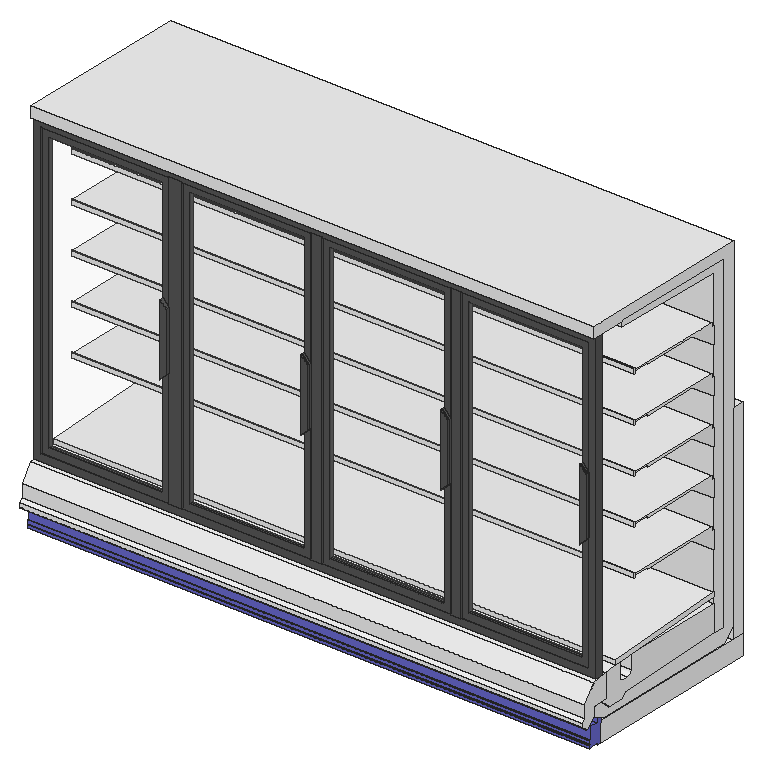
Revit family
Parameters (values of type "RL-4 Door Innov., Innov. II & III")
  Width = 122 7/8"
  Voltage - Electric Defrost [instance] = 208 V
  Voltage [instance] = 120 V
  URL = "www.hussmann.com"
  Type Comments = "LT Reach-In Merchandiser"
  Temp Sensor [instance] = "Low Voltage"
  Telephone = no
  System Control = "1.00 A"
  Standard Right End Cap On/Off [instance] = no
  Standard Left End Cap On/Off [instance] = no
  Revit Family Dates = "4/23/12PMA(0212)"
  Refrigerant Suction Connection Diameter = 7/8"
  Refrigerant Liquid Connection Diameter = 3/8"
  Refrig. Suction [instance] = "Suction"
  Refrig. Liquid [instance] = "Liquid"
  R.I. RH Doors YES/NO [instance] = no
  R.I. LH Doors YES/NO [instance] = yes
  R.I. - RH Door Swing YES/NO [instance] = no
  R.I. - LH Door Swing YES/NO [instance] = yes
  Phase [instance] = 1
  Number of Shelves = 0
  Model = "RL-4"
  Mirrored Right End Cap On/Off [instance] = no
  Mirrored Left End Cap On/Off [instance] = no
  Manufacturer = "Hussmann Corporation"
  MCA (Min Circ Amp) [instance] = 6.8 A
  Linear Shelf Length = 0"
  Height = 82 3/8"
  Front Height = 0"
  Frequency [instance] = 60 Hz
  Finish_Trim [instance] = Stainless Steel 2
  Finish_Top [instance] = none
  Finish_Shelf [instance] = Stainless Steel
  Finish_Handle = Metal-Black-Door
  Finish_Glass [instance] = Glass 2
  Finish_Frame = Metal-Black-Door
  Finish_Door [instance] = Metal-Black-Door
  Finish_Case [instance] = Stainless Steel
  Finish_Bumper [instance] = Metal-Blue-Trim
  Finish_Base [instance] = Stainless Steel
  Elect. Defrost Amps [instance] = "13.46 A"
  Elect. Def. Amps [instance] = 13.46 A
  EMS = no
  Drain Pipe Size = "1 1/4\""
  Drain Heaters [instance] = 2 A
  Description = "Low Temperature Reach-in(Frozen Food & Ice Cream)"
  Depth = 43 3/4"
  Data = "N/A"
  Copper-Suction [instance] = Copper
  Copper-Liquid [instance] = Copper
  Case Lights Amps [instance] = "0.72 A"
  Case Lights [instance] = 0.72 A
  Case Fans (MCA) [instance] = "6.80 A"
  Assembly Code = ""
  Accessories/Options = ""
Reference planes (in)
  plane 1 "Center (Front/Back)": y = 0
  plane 2: z = 0
  plane 3: y = -41.625
  plane 4: z = 13
  plane 5: z = 80
  plane 6: z = 82.375
  plane 7: y = -32
  plane 8: y = -43.75
  plane 9: y = -40.75
  plane 10: x = -62.05503
  plane 11: y = -40
  plane 12: x = 60.81997
  plane 13: x = 55.82723
  plane 14: y = -33
  plane 15: y = -37
  plane 16: x = -0.61027
  plane 17: y = -34.625
  plane 18: x = -25.61949
  plane 19: y = -33.625
  plane 20: x = 24.39895
Forms (in)
  Extrusion 1, solid, material "Stainless Steel" <- "Finish_Case"
    sketch origin (-62.05503, 0, 0) x (0, 1, 0) y (0, 0, 1)
      loop
        line (-5, 4.63662) -> (-2.5, 7.13662) -> (-2.5, 82.375) -> (-40.75, 82.375) -> (-40.75, 80) -> (-5.5, 80) -> (-5.5, 8.31202) -> (-32.09633, 7.00826) -> (-33.05546, 6.04913) -> (-36.55546, 6.04913) -> (-38.5, 7.99367) -> (-40.75, 7.99367) -> (-40.75, 5.99367) -> (-37.75, 4.63662) -> (-5, 4.63662)
    from 0 to 122.87891
  Extrusion 2, solid, material "Stainless Steel" <- "Finish_Case"
    sketch origin (-62.05503, 0, 0) x (0, 1, 0) y (0, 0, 1)
      loop
        line (-37.25, 13) -> (-40.75, 12.69379) -> (-43.04431, 9.41718) -> (-43.04431, 6.66718) -> (-43.75, 5.96149) -> (-43.75, 5.08872) -> (-42.58027, 4.2259) -> (-40.75, 5.99367) -> (-40.75, 7.99367) -> (-37.25, 7.99367) -> (-37.25, 13)
    from 0 to 122.87891
  Extrusion 3, solid, material "Stainless Steel" <- "Finish_Case"
    sketch origin (-62.05503, 0, 0) x (0, 1, 0) y (0, 0, 1)
      loop
        line (-2.5, 4.26162) -> (0, 4.26162) -> (0, 49.76162) -> (-2.5, 49.76162) -> (-2.5, 4.26162)
    from 0 to 122.87891
  Extrusion 4, solid, material "Stainless Steel" <- "Finish_Case"
    sketch origin (-62.05503, 0, 0) x (0, 1, 0) y (0, 0, 1)
      loop
        line (-5.5, 80) -> (-33, 80) -> (-33, 78.93638) -> (-7.75, 78.49564) -> (-7.75, 7.85845) -> (-5.5, 7.93702) -> (-5.5, 80)
    from 0 to 122.87891
  Extrusion 5, solid
    sketch origin (-62.05503, 0, 0) x (0, 1, 0) y (0, 0, 1)
      loop
        line (-33, 78.93638) -> (-33, 77.93638) -> (-30, 77.93638) -> (-30, 78.88401) -> (-33, 78.93638)
    from 0 to 119.87891
  Extrusion 6, solid, material "Stainless Steel" <- "Finish_Base"
    sketch origin (-62.05503, 0, 0) x (0, 1, 0) y (0, 0, 1)
      loop
        line (-36.55546, 6.04913) -> (-33.05546, 6.04913) -> (-32.09633, 7.00826) -> (-7.75, 7.85845) -> (-7.75, 13.65118) -> (-30.30697, 13.65118) -> (-30.30697, 10.65118)
        arc (-30.30697, 10.65118) -> (-30.59986, 9.94407) -> (-31.30697, 9.65118) r 1
        line (-31.30697, 9.65118) -> (-32.55697, 9.65118)
        arc (-32.55697, 9.65118) -> (-33.26408, 9.94407) -> (-33.55697, 10.65118) r 1
        line (-33.55697, 10.65118) -> (-33.55697, 13.52897) -> (-37.25, 13) -> (-37.25, 7.99367) -> (-38.5, 7.99367) -> (-36.55546, 6.04913)
    from 0 to 122.87891
  Extrusion 7, solid, material "Stainless Steel" <- "Finish_Shelf"
    sketch origin (-62.05503, 0, 0) x (0, 1, 0) y (0, 0, 1)
      loop
        line (-7.75, 64.26162) -> (-7.75, 68.01162) -> (-8.5, 68.01162) -> (-8.5, 69.01162) -> (-29.5, 69.01162) -> (-29.5, 69.26162) -> (-29.75, 69.26162) -> (-29.75, 68.26162) -> (-29.5, 68.26162) -> (-29.5, 68.76162) -> (-26, 68.76162) -> (-26, 68.51162) -> (-13.81963, 68.51162) -> (-7.75, 64.26162)
      loop
        line (-7.75, 54.26162) -> (-7.75, 58.01162) -> (-8.5, 58.01162) -> (-8.5, 59.01162) -> (-29.5, 59.01162) -> (-29.5, 59.26162) -> (-29.75, 59.26162) -> (-29.75, 58.26162) -> (-29.5, 58.26162) -> (-29.5, 58.76162) -> (-26, 58.76162) -> (-26, 58.51162) -> (-13.81963, 58.51162) -> (-7.75, 54.26162)
      loop
        line (-7.75, 44.26162) -> (-7.75, 48.01162) -> (-8.5, 48.01162) -> (-8.5, 49.01162) -> (-29.5, 49.01162) -> (-29.5, 49.26162) -> (-29.75, 49.26162) -> (-29.75, 48.26162) -> (-29.5, 48.26162) -> (-29.5, 48.76162) -> (-26, 48.76162) -> (-26, 48.51162) -> (-13.81963, 48.51162) -> (-7.75, 44.26162)
      loop
        line (-7.75, 34.26162) -> (-7.75, 38.01162) -> (-8.5, 38.01162) -> (-8.5, 39.01162) -> (-29.5, 39.01162) -> (-29.5, 39.26162) -> (-29.75, 39.26162) -> (-29.75, 38.26162) -> (-29.5, 38.26162) -> (-29.5, 38.76162) -> (-26, 38.76162) -> (-26, 38.51162) -> (-13.81963, 38.51162) -> (-7.75, 34.26162)
      loop
        line (-7.75, 24.26162) -> (-7.75, 28.01162) -> (-8.5, 28.01162) -> (-8.5, 29.01162) -> (-29.5, 29.01162) -> (-29.5, 29.26162) -> (-29.75, 29.26162) -> (-29.75, 28.26162) -> (-29.5, 28.26162) -> (-29.5, 28.76162) -> (-26, 28.76162) -> (-26, 28.51162) -> (-13.81963, 28.51162) -> (-7.75, 24.26162)
      loop
        line (-34.54319, 13.47728) -> (-7.75, 14.88146) -> (-7.75, 15.88283) -> (-34.54319, 14.47866) -> (-34.54319, 13.47728)
    from 0 to 122.87891
  Extrusion 8, solid, material "Stainless Steel"
    sketch origin (-60.55503, 0, 0) x (0, 1, 0) y (0, 0, 1)
      loop
        line (0, 4.26162) -> (-38.66016, 4.26162) -> (-38.66016, 0) -> (0, 0) -> (0, 4.26162)
    from 0 to -1.5
  Extrusion 9, solid, material "Stainless Steel"
    sketch origin (59.32723, 0, 0) x (0, 1, 0) y (0, 0, 1)
      loop
        line (0, 4.26162) -> (-38.66016, 4.26162) -> (-38.66016, 0) -> (0, 0) -> (0, 4.26162)
    from 0 to 1.5
  Extrusion 10, solid, material "Metal-Blue-Trim"
    sketch origin (-65.05503, 0, 0) x (0, 1, 0) y (0, 0, 1)
      loop
        line (-38.66016, 4.7871) -> (-39.66016, 5.36445) -> (-39.66016, 4.26162) -> (-41.375, 4.55297) -> (-41.375, 1.75) -> (-41.625, 1.75) -> (-41.625, 1) -> (-41.375, 1) -> (-41.375, 0.75) -> (-41.625, 0.75) -> (-41.625, 0.19004) -> (-39.66016, 0.52548) -> (-39.66016, 0) -> (-38.66016, 0) -> (-38.66016, 4.7871)
    from 3 to 125.87891
  Extrusion 11, solid, material "Stainless Steel"
    sketch origin (-65.05503, 0, 0) x (0, 1, 0) y (0, 0, 1)
      loop
        line (-30, 1.76162) -> (0, 1.76162) -> (0, 4.26162) -> (-30, 4.26162) -> (-30, 1.76162)
    from 4.5 to 124.37891
  Extrusion 12, solid, material "Glass 2"
    sketch origin (0, 0, 0) x (1, 0, 0) y (0, 1, 0)
      loop
        circle (55.82723, -37) r 0.375
      loop
        circle (55.82723, -37) r 0.36775
      loop
        circle (54.95081, -37) r 0.375
      loop
        circle (54.95081, -37) r 0.36775
      loop
        circle (54.07439, -37) r 0.375
      loop
        circle (54.07439, -37) r 0.36775
      loop
        circle (53.19797, -37) r 0.375
      loop
        circle (53.19797, -37) r 0.36775
      loop
        circle (52.32155, -37) r 0.375
      loop
        circle (52.32155, -37) r 0.36775
    from 4.63662 to 3.61208
  Extrusion 13, solid, material "Glass 2"
    sketch origin (0, 0, 0) x (1, 0, 0) y (0, 1, 0)
      loop
        circle (-0.61558, -34.54319) r 0.625
      loop
        circle (-0.61558, -34.54319) r 0.57589
    from 6.42413 to 1.75
  Extrusion 14, solid, material "Copper" <- "Copper-Suction"
    sketch origin (47.19921, 0, -0.375) x (1, 0, 0) y (0, 1, 0)
      loop
        circle (8.62802, -33) r 0.4375
      loop
        circle (8.62802, -33) r 0.41359
    from 4.26162 to 3.85142
  Extrusion 15, solid, material "Copper" <- "Copper-Liquid"
    sketch origin (47.19921, 0, -0.375) x (1, 0, 0) y (0, 1, 0)
      loop
        circle (7.05443, -33) r 0.1875
      loop
        circle (7.05443, -33) r 0.17284
    from 4.26162 to 3.85142
Lines and regions (in)
  symbolic lines
    curve 1: line (-62.05503, -43.75, 0) -> (-62.05503, 0, 0)
    curve 2: line (60.82723, 0, 0) -> (-62.05503, 0, 0)
    curve 3: line (60.82723, 0, 0) -> (60.82723, -43.75, 0)
    curve 4: line (-62.05503, -43.75, 0) -> (60.82723, -43.75, 0)
Dimensions and locks (in)
  plane 1 "Center (Front/Back)" to plane 3 = 41 5/8"
  "Depth": plane 1 "Center (Front/Back)" to plane 8
  level to plane 4 = 13"
  plane 3 to plane 1 "Center (Front/Back)" = 41 5/8"
  "Height": level to plane 6
  locked: plane 12 to plane 10 at 122.875
  plane 10 to plane 12 = 122 7/8"
  plane 8 to plane 1 "Center (Front/Back)" = 43 3/4"
  aligned and locked: level to plane 2
  aligned and locked: curve 4 to Extrusion 2
  aligned and locked: Extrusion 12 to Extrusion 1
Automatic sketch dimensions
  Extrusion 1 sketch curve to plane 9 = 0"  (x2)
  Extrusion 1 sketch curve to plane 5 = 0"
  Extrusion 1 sketch curve to plane 6 = 0"
  Extrusion 1 sketch curve to Extrusion 1 sketch curve = 1.19454"
  plane 7 to Extrusion 1 sketch curve = 1.05546"
  plane 7 to Extrusion 1 sketch curve = 0.09633"
  plane 1 "Center (Front/Back)" to Extrusion 1 sketch curve = 5 1/2"
  Extrusion 1 sketch curve to Extrusion 1 sketch curve = 1/2"
  plane 1 "Center (Front/Back)" to Extrusion 1 sketch curve = 2 1/2"
  plane 4 to Extrusion 1 sketch curve = 5.00633"
  plane 4 to Extrusion 1 sketch curve = 4.68798"
  plane 4 to Extrusion 1 sketch curve = 5.99174"
  Extrusion 1 sketch curve to Extrusion 1 sketch curve = 1.1754"
  Extrusion 1 sketch curve to Extrusion 1 sketch curve = 1.94454"
  Extrusion 1 sketch curve to Extrusion 1 sketch curve = 2"
  Extrusion 1 sketch curve to Extrusion 1 sketch curve = 2 1/2"
  Extrusion 2 sketch curve to plane 8 = 0"
  Extrusion 2 sketch curve to plane 9 = 0"  (x2)
  Extrusion 2 sketch curve to plane 4 = 0"
  Extrusion 2 sketch curve to plane 8 = 0.70569"
  plane 3 to Extrusion 2 sketch curve = 0.95527"
  plane 4 to Extrusion 2 sketch curve = 0.30621"
  plane 4 to Extrusion 2 sketch curve = 3.58282"
  Extrusion 2 sketch curve to Extrusion 2 sketch curve = 1.42351"
  Extrusion 2 sketch curve to Extrusion 2 sketch curve = 1.32649"
  Extrusion 2 sketch curve to Extrusion 2 sketch curve = 2"
  Extrusion 2 sketch curve to Extrusion 2 sketch curve = 0.70569"
  Extrusion 2 sketch curve to Extrusion 2 sketch curve = 0.87277"
  Extrusion 2 sketch curve to Extrusion 2 sketch curve = 0.86282"
  Extrusion 3 sketch curve to plane 1 "Center (Front/Back)" = 0"
  Extrusion 3 sketch curve to Extrusion 3 sketch curve = 2 1/2"
  level to Extrusion 3 sketch curve = 4.26162"
  plane 5 to Extrusion 3 sketch curve = 30.23838"
  Extrusion 4 sketch curve to plane 5 = 0"
  plane 7 to Extrusion 4 sketch curve = 1"
  plane 1 "Center (Front/Back)" to Extrusion 4 sketch curve = 7 3/4"
  Extrusion 4 sketch curve to Extrusion 4 sketch curve = 2 1/4"
  Extrusion 4 sketch curve to Extrusion 4 sketch curve = 1.06362"
  plane 5 to Extrusion 4 sketch curve = 1.50436"
  plane 4 to Extrusion 4 sketch curve = 5.06298"
  Extrusion 4 sketch curve to Extrusion 4 sketch curve = 0.07857"
  plane 7 to Extrusion 5 sketch curve = 1"
  Extrusion 5 sketch curve to plane 7 = 2"
  plane 5 to Extrusion 5 sketch curve = 2.06362"
  Extrusion 5 sketch curve to Extrusion 5 sketch curve = 0.94763"
  Extrusion 5 sketch curve to Extrusion 5 sketch curve = 1"
  Extrusion 6 sketch curve to plane 4 = 0"
  Extrusion 6 sketch curve to Extrusion 6 sketch curve = 0.69454"
  plane 7 to Extrusion 6 sketch curve = 1.55697"
  plane 7 to Extrusion 6 sketch curve = 1.05546"
  plane 7 to Extrusion 6 sketch curve = 0.55697"
  plane 7 to Extrusion 6 sketch curve = 0.09633"
  Extrusion 6 sketch curve to plane 7 = 0.69303"
  Extrusion 6 sketch curve to Extrusion 6 sketch curve = 1"
  Extrusion 6 sketch curve to plane 4 = 0.65118"
  plane 1 "Center (Front/Back)" to Extrusion 6 sketch curve = 7 3/4"
  plane 4 to Extrusion 6 sketch curve = 2.34882"
  plane 4 to Extrusion 6 sketch curve = 5.00633"
  plane 4 to Extrusion 6 sketch curve = 5.14155"
  Extrusion 6 sketch curve to Extrusion 6 sketch curve = 2.64293"
  Extrusion 6 sketch curve to Extrusion 6 sketch curve = 1.94454"
  Extrusion 6 sketch curve to plane 4 = 0.52897"
  Extrusion 7 sketch curve to plane 4 = 0.47728"
  plane 7 to Extrusion 7 sketch curve = 2.54319"
  Extrusion 7 sketch curve to plane 7 = 2 1/4"  (x5)
  Extrusion 7 sketch curve to Extrusion 7 sketch curve = 1/4"  (x17)
  Extrusion 7 sketch curve to Extrusion 7 sketch curve = 0"  (x6)
  Extrusion 7 sketch curve to Extrusion 7 sketch curve = 3 1/2"  (x5)
  Extrusion 7 sketch curve to Extrusion 7 sketch curve = 12.18037"
  Extrusion 7 sketch curve to Extrusion 7 sketch curve = 5.31963"  (x5)
  Extrusion 7 sketch curve to Extrusion 7 sketch curve = 3/4"  (x5)
  Extrusion 7 sketch curve to plane 4 = 1.88146"
  plane 1 "Center (Front/Back)" to Extrusion 7 sketch curve = 7 3/4"
  Extrusion 7 sketch curve to Extrusion 7 sketch curve = 1.00137"  (x2)
  Extrusion 7 sketch curve to Extrusion 7 sketch curve = 8.37879"
  Extrusion 7 sketch curve to Extrusion 7 sketch curve = 3 3/4"  (x5)
  Extrusion 7 sketch curve to Extrusion 7 sketch curve = 13.78296"
  Extrusion 7 sketch curve to Extrusion 7 sketch curve = 1/2"  (x8)
  Extrusion 7 sketch curve to Extrusion 7 sketch curve = 5 1/4"  (x4)
  Extrusion 7 sketch curve to Extrusion 7 sketch curve = 9"  (x4)
  Extrusion 7 sketch curve to Extrusion 7 sketch curve = 1"  (x3)
  Extrusion 10 sketch curve to plane 3 = 0"  (x2)
  Extrusion 10 sketch curve to level = 0"
  Extrusion 10 sketch curve to plane 3 = 1/4"  (x2)
  plane 11 to Extrusion 10 sketch curve = 87/256"  (x2)
  level to Extrusion 10 sketch curve = 0.19004"
  Extrusion 10 sketch curve to Extrusion 10 sketch curve = 0.52548"  (x2)
  Extrusion 10 sketch curve to Extrusion 10 sketch curve = 0.55996"
  Extrusion 10 sketch curve to Extrusion 10 sketch curve = 1/4"
  Extrusion 10 sketch curve to Extrusion 10 sketch curve = 3/4"
  Extrusion 10 sketch curve to Extrusion 10 sketch curve = 2.51162"
  Extrusion 10 sketch curve to Extrusion 10 sketch curve = 0.29135"
  Extrusion 10 sketch curve to Extrusion 10 sketch curve = 1.10283"
  Extrusion 8 sketch curve to level = 0"
  Extrusion 8 sketch curve to plane 1 "Center (Front/Back)" = 0"
  Extrusion 8 sketch curve to Extrusion 8 sketch curve = 4.26162"
  Extrusion 9 sketch curve to level = 0"
  Extrusion 9 sketch curve to plane 1 "Center (Front/Back)" = 0"
  level to Extrusion 9 sketch curve = 4.26162"
  Extrusion 11 sketch curve to plane 1 "Center (Front/Back)" = 0"
  level to Extrusion 11 sketch curve = 1.76162"
  Extrusion 11 sketch curve to Extrusion 11 sketch curve = 2 1/2"
  curve 1 to plane 1 "Center (Front/Back)" = 0"
  curve 1 to plane 10 = 0"
  plane 12 to curve 3 = 0.00727"
  Extrusion 12 sketch curve to Extrusion 12 sketch curve = 0"  (x10)
  plane 15 to Extrusion 12 sketch curve = 0"  (x5)
  Extrusion 12 sketch curve to plane 13 = 0"
  Extrusion 12 sketch curve to Extrusion 12 sketch curve = 0.87642"  (x4)
  Extrusion 13 sketch curve to Extrusion 13 sketch curve = 0"  (x2)
  plane 16 to Extrusion 13 sketch curve = 0.00531"
  Extrusion 13 sketch curve to plane 17 = 0.08181"
  Extrusion 14 sketch curve to Extrusion 14 sketch curve = 0"  (x2)
  plane 14 to Extrusion 14 sketch curve = 0"
  Extrusion 14 sketch curve to plane 16 = 56 7/16"
  Extrusion 15 sketch curve to Extrusion 15 sketch curve = 0"  (x2)
  plane 14 to Extrusion 15 sketch curve = 0"
  Extrusion 15 sketch curve to plane 16 = 54.86391"
  plane 11 to Extrusion 1 sketch curve = 1 1/2"
  plane 15 to Extrusion 1 sketch curve = 3/4"
  plane 15 to Extrusion 2 sketch curve = 1/4"
  Extrusion 6 sketch curve to plane 15 = 0.44454"
  Extrusion 6 sketch curve to Extrusion 6 sketch curve = 1 1/4"
  plane 11 to Extrusion 8 sketch curve = 1 87/256"
  plane 11 to Extrusion 9 sketch curve = 1 87/256"
  Extrusion 10 sketch curve to Extrusion 10 sketch curve = 1"
  Extrusion 11 sketch curve to plane 7 = 2"
  radius of Extrusion 12 sketch curve = 3/8"  (x5)
  radius of Extrusion 12 sketch curve = 0.36775"  (x5)
  radius of Extrusion 13 sketch curve = 5/8"
  radius of Extrusion 13 sketch curve = 0.57589"
  radius of Extrusion 14 sketch curve = 7/16"
  radius of Extrusion 14 sketch curve = 0.41359"
  radius of Extrusion 15 sketch curve = 3/16"
  radius of Extrusion 15 sketch curve = 0.17284"
Nested families (in)
  nested 1: "Label Annotation 3-32" at (-0.61027, -8.125, -0.375), type "Label Annotation 3-32"
  nested 2: "RL-INNOVATORII_END PANEL" at (-59.93555, 0, 0), visible <- "Standard Left End Cap On/Off", type "RL-End Panel Mirrored"
    with Serial Number "N/A", Remarks "N/A", Received By "N/A", Furnished By "N/A", Finish_Trim Stainless Steel 2, Finish_Top none, Finish_Shelf Stainless Steel, Finish_Glass Glass 2, Finish_Door Metal Black-Door, Finish_Case Stainless Steel, Finish_Bumper Metal Blue-trim, Finish_Base Stainless Steel, Final Hookup By "N/A", Assembled By "N/A"
  nested 3: "RL-INNOVATORII_END PANEL" at (64.44672, 0, 0), visible <- "Standard Right End Cap On/Off", type "RL-End Panel Mirrored"
    with Serial Number "N/A", Remarks "N/A", Received By "N/A", Furnished By "N/A", Finish_Trim Stainless Steel 2, Finish_Top none, Finish_Shelf Stainless Steel, Finish_Glass Glass 2, Finish_Door Metal Black-Door, Finish_Case Stainless Steel, Finish_Bumper Metal Blue-trim, Finish_Base Stainless Steel, Final Hookup By "N/A", Assembled By "N/A"
  nested 4: "RL-INNOVATORII_END CAP MIRRORED" at (-59.93555, 0, 0), visible <- "Mirrored Left End Cap On/Off", type "RL-End Panel Mirrored"
    with Serial Number "N/A", Remarks "N/A", Received By "N/A", Furnished By "N/A", Finish_Trim Stainless Steel 2, Finish_Top none, Finish_Shelf Stainless Steel, Finish_Glass Glass 2, Finish_Door Metal Black-Door, Finish_Case Stainless Steel, Finish_Bumper Metal Blue-trim, Finish_Base Stainless Steel, Final Hookup By "N/A", Assembled By "N/A"
  nested 5: "RL-INNOVATORII_END CAP MIRRORED" at (64.44672, 0, 0), visible <- "Mirrored Right End Cap On/Off", type "RL-End Panel Mirrored"
    with Serial Number "N/A", Remarks "N/A", Received By "N/A", Furnished By "N/A", Finish_Trim Stainless Steel 2, Finish_Top none, Finish_Shelf Stainless Steel, Finish_Glass Glass 2, Finish_Door Metal Black-Door, Finish_Case Stainless Steel, Finish_Bumper Metal Blue-trim, Finish_Base Stainless Steel, Final Hookup By "N/A", Assembled By "N/A"
  nested 6: "Case Nodes" at (-25.61949, -41.625, 0), type "Case Nodes"
  nested 7: "Case Nodes" at (55.82723, -33, 0), type "Case Nodes"
  nested 8: "Case Nodes" at (55.82592, -36.99947, 0), type "Case Nodes"
  nested 9: "Case Nodes" at (-25.61949, -33.625, 0), type "Case Nodes"
  nested 10: "Case Nodes" at (24.39895, -41.625, 0) x (-1, 0, 0) z (0, 0, 1), type "Case Nodes"
  nested 11: "Case Nodes" at (24.39895, -33.625, 0) x (-1, 0, 0) z (0, 0, 1), type "Case Nodes"
  nested 12: "RL_4DR-LH" at (0, 0, 0), visible <- "R.I. LH Doors YES/NO", type "RL_4DR-LH"
    with Finish_Glass Glass 2, Finish_Door Metal-Black-Door
  nested 13: "RL_4DR-RH" at (0, 0, 0), visible <- "R.I. RH Doors YES/NO", type "RL_4DR-RH"
    with Finish_Glass Glass 2, Finish_Door Metal-Black-Door
  nested 14: "RL_4DR-LHDS" at (0.75, -3.75, 0), visible <- "R.I. - LH Door Swing YES/NO", type "RL_4DR-LHDS"
  nested 15: "RL_4DR-RHDS" at (-0.71555, -3.75, 0), visible <- "R.I. - RH Door Swing YES/NO", type "RL_4DR-RHDS"
Connectors (in)
  electrical at (55.82723, -37, 3.61208), driven by "Phase", driven by "Voltage - Electric Defrost", driven by "Elect. Defrost Amps"
    settings: on Extrusion 12, index 3, voltage 208 V, apparent load 0 VA, apparent load phase1 0 VA, apparent load phase2 0 VA, apparent load phase3 0 VA, power factor 1, load classification "Power", number of poles 1, system type 30, power factor state 1, is connector primary yes, connector utility no, sub classification motor no, connector description "13.46 A"
  electrical at (54.95081, -37, 3.61208), driven by "Phase", driven by "Voltage", driven by "Case Fans (MCA)"
    settings: on Extrusion 12, index 4, voltage 120 V, apparent load 0 VA, apparent load phase1 0 VA, apparent load phase2 0 VA, apparent load phase3 0 VA, power factor 1, load classification "Power", number of poles 1, system type 30, power factor state 1, is connector primary no, connector utility no, sub classification motor no, connector description "6.80 A"
  electrical at (54.07439, -37, 3.61208), driven by "Phase", driven by "Voltage", driven by "Case Lights Amps"
    settings: on Extrusion 12, index 5, voltage 120 V, apparent load 0 VA, apparent load phase1 0 VA, apparent load phase2 0 VA, apparent load phase3 0 VA, power factor 1, load classification "Lighting", number of poles 1, system type 30, power factor state 1, is connector primary no, connector utility no, sub classification motor no, connector description "0.72 A"
  electrical at (53.19797, -37, 3.61208), driven by "System Control"
    settings: on Extrusion 12, index 6, voltage 0 V, apparent load 0 VA, apparent load phase1 0 VA, apparent load phase2 0 VA, apparent load phase3 0 VA, power factor 1, load classification "Other", number of poles 1, system type 13, power factor state 1, is connector primary no, connector utility no, sub classification motor no, connector description "1.00 A"
  electrical at (52.32155, -37, 3.61208), driven by "Temp Sensor"
    settings: on Extrusion 12, index 7, voltage 0 V, apparent load 0 VA, apparent load phase1 0 VA, apparent load phase2 0 VA, apparent load phase3 0 VA, power factor 1, load classification "Other", number of poles 1, system type 14, power factor state 1, is connector primary no, connector utility no, sub classification motor no, connector description "Low Voltage"
  piping at (-0.61558, -34.54319, 1.75), driven by "Drain Pipe Size"
    settings: on Extrusion 13, index 8, connector radius 5/8", flow factor 0, pipe flow 0 GPM, pressure drop 0.00 psi, fitting loss kfactor 0, connector angle 0.00°, fixture units 0, flow configuration 0, flow direction 0, fitting loss method 0, system type 16, connector reference index -1, connector utility 0, adjustable connector no, is connector primary yes, fitting loss table "", connector description "1 1/4\""
  piping at (55.82723, -33, 3.47642), driven by "Refrig. Suction"
    settings: on Extrusion 14, index 9, connector radius 7/16", flow factor 0, pipe flow 0 GPM, pressure drop 0.00 psi, fitting loss kfactor 0, connector angle 0.00°, fixture units 0, flow configuration 0, flow direction 2, fitting loss method 0, system type 22, connector reference index -1, connector utility 0, adjustable connector no, is connector primary no, fitting loss table "", connector description "Suction"
  piping at (54.25364, -33, 3.47642), driven by "Refrig. Liquid"
    settings: on Extrusion 15, index 10, connector radius 3/16", flow factor 0, pipe flow 0 GPM, pressure drop 0.00 psi, fitting loss kfactor 0, connector angle 0.00°, fixture units 0, flow configuration 0, flow direction 1, fitting loss method 0, system type 22, connector reference index -1, connector utility 0, adjustable connector no, is connector primary no, fitting loss table "", connector description "Liquid"
Definition of nested family "RL-INNOVATORII_END PANEL"
  Parameters (values of type "RL-End Panel Mirrored")
    Width = 1 1/2"
    Watts = ""
    Volts = ""
    URL = "www.hussmann.com"
    Type Comments = "N/A"
    Telephone = no
    Serial Number [instance] = "N/A"
    Remarks [instance] = "N/A"
    Refrigerant Type = "N/A"
    Received By [instance] = "N/A"
    Prototype = no
    Power = "N/A"
    PO Template = no
    Number of Shelves = 0
    Model = "RL- Mirrored End Panel"
    Manufacturer = "Hussmann"
    Linear Shelf Length = 0"
    Item = "N/A"
    Install Date - Actual = "N/A"
    Install Data - Projected = "N/A"
    Hot Water = no
    Height = 82"
    HP = ""
    Gas Type = "N/A"
    Gas Pipe Size = "N/A"
    Furnished By [instance] = "N/A"
    Front Height = 0"
    Finish_Trim [instance] = Stainless Steel 2
    Finish_Top [instance] = none
    Finish_Shelf [instance] = Stainless Steel
    Finish_Handle = Metal Black-Door
    Finish_Glass [instance] = Glass 2
    Finish_Frame = Metal Black-Door
    Finish_Door [instance] = Metal Black-Door
    Finish_Case [instance] = Stainless Steel
    Finish_Bumper [instance] = Metal Blue-trim
    Finish_Base [instance] = Stainless Steel
    Final Hookup By [instance] = "N/A"
    Evap Temp = ""
    EMS = no
    Drain Pipe Size = "N/A"
    Divisional Use = "N/A"
    Description 2 = "Impact Merchandiser"
    Description = "Low Temperature Reach-in(Food or Ice Cream)"
    Depth = 43 3/4"
    Data = "N/A"
    Cold Water = no
    Class Code = "N/A"
    Category = "N/A"
    BTU Rating = "N/A"
    Assembly Code = "E1090320"
    Assembled By [instance] = "N/A"
    Amps = ""
    Accessories/Options = "N/A"
  Reference planes (in)
    plane 1 "Center (Front/Back)": y = 0
    plane 2: z = 0
    plane 3: y = -43.75
  Forms (in)
    Extrusion 1, solid, material "Stainless Steel" <- "Finish_Case"
      sketch origin (-3.61949, 0, 0) x (0, 1, 0) y (0, 0, 1)
        loop
          line (0, 82) -> (-40.75, 82) -> (-40.75, 12.69379) -> (-43.04431, 9.41718) -> (-43.04431, 6.66718) -> (-43.75, 5.96149) -> (-43.75, 4.2259) -> (-41.5625, 4.2259) -> (-41.5625, 0) -> (0, 0) -> (0, 82)
      from 0 to 1.5
  Lines and regions (in)
    symbolic lines
      curve 1: line (-3.61949, 0, 0) -> (-2.11949, 0, 0)
      curve 2: line (-3.61949, -43.75, 0) -> (-3.61949, 0, 0)
      curve 3: line (-2.11949, -43.75, 0) -> (-3.61949, -43.75, 0)
      curve 4: line (-2.11949, 0, 0) -> (-2.11949, -43.75, 0)
  Dimensions and locks (in)
    plane 3 to plane 1 "Center (Front/Back)" = 43 3/4"
    Extrusion 1 to Extrusion 1 = 1 1/2"
    locked: Extrusion 1 to Extrusion 1 at 1.5  (x2)
    locked: Extrusion 1 to level at 82
    locked: plane 1 "Center (Front/Back)" to plane 3 at 43.75
    aligned: curve 1 to Extrusion 1  (x2)
    aligned: curve 4 to Extrusion 1  (x2)
Definition of nested family "RL-INNOVATORII_END CAP MIRRORED"
  Parameters (values of type "RL-End Panel Mirrored")
    Width = 1 1/2"
    Watts = ""
    Volts = ""
    URL = "www.hussmann.com"
    Type Comments = "N/A"
    Telephone = no
    Serial Number [instance] = "N/A"
    Remarks [instance] = "N/A"
    Refrigerant Type = "N/A"
    Received By [instance] = "N/A"
    Prototype = no
    Power = "N/A"
    PO Template = no
    Number of Shelves = 0
    Model = "RL- Mirrored End Panel"
    Manufacturer = "Hussmann"
    Linear Shelf Length = 0"
    Item = "N/A"
    Install Date - Actual = "N/A"
    Install Data - Projected = "N/A"
    Hot Water = no
    Height = 82"
    HP = ""
    Gas Type = "N/A"
    Gas Pipe Size = "N/A"
    Furnished By [instance] = "N/A"
    Front Height = 0"
    Finish_Trim [instance] = Stainless Steel 2
    Finish_Top [instance] = none
    Finish_Shelf [instance] = Stainless Steel
    Finish_Handle = Metal Black-Door
    Finish_Glass [instance] = Glass 2
    Finish_Frame = Metal Black-Door
    Finish_Door [instance] = Metal Black-Door
    Finish_Case [instance] = Stainless Steel
    Finish_Bumper [instance] = Metal Blue-trim
    Finish_Base [instance] = Stainless Steel
    Final Hookup By [instance] = "N/A"
    Evap Temp = ""
    EMS = no
    Drain Pipe Size = "N/A"
    Divisional Use = "N/A"
    Description 2 = "Impact Merchandiser"
    Description = "Low Temperature Reach-in(Food or Ice Cream)"
    Depth = 43 3/4"
    Data = "N/A"
    Cold Water = no
    Class Code = "N/A"
    Category = "N/A"
    BTU Rating = "N/A"
    Assembly Code = "E1090320"
    Assembled By [instance] = "N/A"
    Amps = ""
    Accessories/Options = "N/A"
  Reference planes (in)
    plane 1 "Center (Front/Back)": y = 0
    plane 2: z = 0
    plane 3: y = -43.75
  Forms (in)
    Extrusion 1, solid, material "Stainless Steel" <- "Finish_Case"
      sketch origin (-3.61949, 0, 0) x (0, 1, 0) y (0, 0, 1)
        loop
          line (0, 82) -> (-40.75, 82) -> (-40.75, 12.69379) -> (-43.04431, 9.41718) -> (-43.04431, 6.66718) -> (-43.75, 5.96149) -> (-43.75, 4.2259) -> (-41.5625, 4.2259) -> (-41.5625, 0) -> (0, 0) -> (0, 82)
      from 0 to 1.5
  Lines and regions (in)
    symbolic lines
      curve 1: line (-3.61949, 0, 0) -> (-2.11949, 0, 0)
      curve 2: line (-3.61949, -43.75, 0) -> (-3.61949, 0, 0)
      curve 3: line (-2.11949, -43.75, 0) -> (-3.61949, -43.75, 0)
      curve 4: line (-2.11949, 0, 0) -> (-2.11949, -43.75, 0)
  Dimensions and locks (in)
    plane 3 to plane 1 "Center (Front/Back)" = 43 3/4"
    Extrusion 1 to Extrusion 1 = 1 1/2"
    locked: Extrusion 1 to Extrusion 1 at 1.5  (x2)
    locked: Extrusion 1 to level at 82
    locked: plane 1 "Center (Front/Back)" to plane 3 at 43.75
    aligned: curve 1 to Extrusion 1  (x2)
    aligned: curve 4 to Extrusion 1  (x2)
Definition of nested family "RL_4DR-LH"
  Parameters (values of type "RL_4DR-LH")
    URL = "www.hussmann.com"
    Type Comments = ""
    Revit Family Dates = "5/18/12PMA"
    Model = ""
    Manufacturer = "Hussmann Corporation"
    Finish_Handle = Metal-Black-Door
    Finish_Glass [instance] = Glass 2
    Finish_Frame = Metal-Black-Door
    Finish_Door [instance] = Metal-Black-Door
    Description = "LH Reach-In Doors for RL-4 Merchandiser"
    Assembly Code = ""
    Accessories/Options = ""
  Reference planes (in)
    plane 1 "Center (Front/Back)": y = 0
    plane 2: z = 0
    plane 3: y = -41.625
    plane 4: z = 13
    plane 5: z = 80
    plane 6: z = 82.375
    plane 7: y = -32
    plane 8: y = -43.75
    plane 9: y = -40.75
    plane 10: x = -62.05503
    plane 11: y = -40
    plane 12: y = -39.25
    plane 13: x = 60.81997
    plane 14: x = 55.82723
    plane 15: y = -33
    plane 16: y = -37
    plane 17: x = -0.61027
    plane 18: y = -34.625
    plane 19: x = -25.61949
    plane 20: y = -33.625
    plane 21: x = 24.39895
  Forms (in)
    Sweep 1, solid, material "Metal-Black-Door" <- "Finish_Frame"
      path origin (0, 0, 0) x (1, 0, 0) y (0, 0, 1)
        loop
          line (-62.05503, 80) -> (-62.05503, 13) -> (60.81997, 13) -> (60.81997, 80) -> (-62.05503, 80)
      profile origin (-0.61753, 0, 80) x (0, 0, 1) y (0, -1, 0)
        loop
          line (0, 40) -> (-1.5, 40) -> (-1.5, 38.5) -> (0, 38.5) -> (0, 40)
    Extrusion 2, solid, material "Metal-Black-Door" <- "Finish_Frame"
      sketch origin (-29.90449, 0, 0) x (0, 1, 0) y (0, 0, 1)
        loop
          line (-40, 78.5) -> (-40, 14.5) -> (-38.5, 14.5) -> (-38.5, 78.5) -> (-40, 78.5)
      from 0.19 to -2.56
    Extrusion 3, solid, material "Metal-Black-Door" <- "Finish_Frame"
      sketch origin (0.69247, 0, 0) x (0, 1, 0) y (0, 0, 1)
        loop
          line (-40, 78.5) -> (-40, 14.5) -> (-38.5, 14.5) -> (-38.5, 78.5) -> (-40, 78.5)
      from 0.19 to -2.31
    Extrusion 4, solid, material "Metal-Black-Door" <- "Finish_Frame"
      sketch origin (31.03497, 0, 0) x (0, 1, 0) y (0, 0, 1)
        loop
          line (-40, 78.5) -> (-40, 14.5) -> (-38.5, 14.5) -> (-38.5, 78.5) -> (-40, 78.5)
      from 0.19 to -2.06
    Extrusion 5, solid, material "Metal-Black-Door" <- "Finish_Door"
      sketch origin (0, -40, 0) x (0, 0, 1) y (1, 0, 0)
        loop
          line (78.5, -60.55503) -> (78.5, -32.46449) -> (14.5, -32.46449) -> (14.5, -60.55503) -> (78.5, -60.55503)
        loop
          line (77, -59.05503) -> (77, -33.96449) -> (16, -33.96449) -> (16, -59.05503) -> (77, -59.05503)
        loop
          line (78.5, -29.71449) -> (78.5, -1.61753) -> (14.5, -1.61753) -> (14.5, -29.71449) -> (78.5, -29.71449)
        loop
          line (77, -28.21449) -> (77, -3.11753) -> (16, -3.11753) -> (16, -28.21449) -> (77, -28.21449)
        loop
          line (78.5, 0.88247) -> (78.5, 28.97551) -> (14.5, 28.97551) -> (14.5, 0.88247) -> (78.5, 0.88247)
        loop
          line (77, 2.38247) -> (77, 27.47551) -> (16, 27.47551) -> (16, 2.38247) -> (77, 2.38247)
        loop
          line (78.5, 31.22497) -> (78.5, 59.31997) -> (14.5, 59.31997) -> (14.5, 31.22497) -> (78.5, 31.22497)
        loop
          line (77, 32.72497) -> (77, 57.81942) -> (16, 57.81942) -> (16, 32.72497) -> (77, 32.72497)
      from 0.25 to 1.25
    Extrusion 6, solid, material "Glass 2" <- "Finish_Glass"
      sketch origin (0, -39.25, 0) x (1, 0, 0) y (0, 0, 1)
        loop
          line (-59.05503, 77) -> (-59.05503, 16) -> (-33.96449, 16) -> (-33.96449, 77) -> (-59.05503, 77)
        loop
          line (-28.21449, 77) -> (-28.21449, 16) -> (-3.11753, 16) -> (-3.11753, 77) -> (-28.21449, 77)
        loop
          line (2.38247, 77) -> (2.38247, 16) -> (27.47551, 16) -> (27.47551, 77) -> (2.38247, 77)
        loop
          line (32.72497, 77) -> (32.72497, 16) -> (57.81942, 16) -> (57.81942, 77) -> (32.72497, 77)
      from 0.15 to -0.15
    Extrusion 7, solid, material "Metal-Black-Door" <- "Finish_Handle"
      sketch origin (-19.81375, -3.125, 31.9375) x (1, 0, 0) y (0, 0, 1)
        loop
          line (-14.15074, 22.4375) -> (-14.15074, 22.08395) -> (-12.90074, 20.83395) -> (-12.90074, 8.29105) -> (-14.15074, 7.04105) -> (-14.15074, 6.6875) -> (-12.65074, 8.1875) -> (-12.65074, 20.9375) -> (-14.15074, 22.4375)
      from 36.875 to 37.375
    Extrusion 8, solid, material "Metal-Black-Door" <- "Finish_Handle"
      sketch origin (-19.81375, -40.5, 31.9375) x (1, 0, 0) y (0, 0, 1)
        loop
          line (-12.65074, 20.9375) -> (-14.15074, 22.4375) -> (-14.15074, 6.6875) -> (-12.65074, 8.1875) -> (-12.65074, 20.9375)
      from 0.25 to 0
    Extrusion 9, solid, material "Metal-Black-Door"
      sketch origin (11.03125, -3.125, 31.9375) x (1, 0, 0) y (0, 0, 1)
        loop
          line (-14.14878, 22.4375) -> (-14.14878, 22.08395) -> (-12.89878, 20.83395) -> (-12.89878, 8.29105) -> (-14.14878, 7.04105) -> (-14.14878, 6.6875) -> (-12.64878, 8.1875) -> (-12.64878, 20.9375) -> (-14.14878, 22.4375)
      from 36.875 to 37.375
    Extrusion 10, solid, material "Metal-Black-Door"
      sketch origin (11.03125, -40.5, 31.9375) x (1, 0, 0) y (0, 0, 1)
        loop
          line (-12.64878, 20.9375) -> (-14.14878, 22.4375) -> (-14.14878, 6.6875) -> (-12.64878, 8.1875) -> (-12.64878, 20.9375)
      from 0.25 to 0
    Extrusion 11, solid, material "Metal-Black-Door"
      sketch origin (41.62625, -3.125, 31.9375) x (1, 0, 0) y (0, 0, 1)
        loop
          line (-14.15074, 22.4375) -> (-14.15074, 22.08395) -> (-12.90074, 20.83395) -> (-12.90074, 8.29105) -> (-14.15074, 7.04105) -> (-14.15074, 6.6875) -> (-12.65074, 8.1875) -> (-12.65074, 20.9375) -> (-14.15074, 22.4375)
      from 36.875 to 37.375
    Extrusion 12, solid, material "Metal-Black-Door"
      sketch origin (41.62625, -40.5, 31.9375) x (1, 0, 0) y (0, 0, 1)
        loop
          line (-12.65074, 20.9375) -> (-14.15074, 22.4375) -> (-14.15074, 6.6875) -> (-12.65074, 8.1875) -> (-12.65074, 20.9375)
      from 0.25 to 0
    Extrusion 13, solid, material "Metal-Black-Door"
      sketch origin (71.9707, -3.125, 31.9375) x (1, 0, 0) y (0, 0, 1)
        loop
          line (-14.15128, 22.4375) -> (-14.15128, 22.08395) -> (-12.90074, 20.83395) -> (-12.90074, 8.29105) -> (-14.15128, 7.04105) -> (-14.15128, 6.6875) -> (-12.65074, 8.1875) -> (-12.65074, 20.9375) -> (-14.15128, 22.4375)
      from 36.875 to 37.375
    Extrusion 14, solid, material "Metal-Black-Door"
      sketch origin (71.9707, -40.5, 31.9375) x (1, 0, 0) y (0, 0, 1)
        loop
          line (-12.65074, 20.9375) -> (-14.15128, 22.4375) -> (-14.15128, 6.6875) -> (-12.65074, 8.1875) -> (-12.65074, 20.9375)
      from 0.25 to 0
  Cuts and joins
    joined: Extrusion 7, Extrusion 8
  Dimensions and locks (in)
    aligned and locked: level to plane 2
Definition of nested family "RL_4DR-RH"
  Parameters (values of type "RL_4DR-RH")
    URL = "www.hussmann.com"
    Type Comments = ""
    Revit Family Dates = "5/18/12PMA"
    Model = ""
    Manufacturer = "Hussmann Corporation"
    Finish_Handle = Metal-Black-Door
    Finish_Glass [instance] = Glass 2
    Finish_Frame = Metal-Black-Door
    Finish_Door [instance] = Metal-Black-Door
    Description = "RH Reach-In Doors for RL-4 Merchandiser"
    Assembly Code = ""
    Accessories/Options = ""
  Reference planes (in)
    plane 1 "Center (Front/Back)": y = 0
    plane 2: z = 0
    plane 3: y = -41.625
    plane 4: z = 13
    plane 5: z = 80
    plane 6: z = 82.375
    plane 7: y = -32
    plane 8: y = -43.75
    plane 9: y = -40.75
    plane 10: x = -62.05503
    plane 11: y = -40
    plane 12: y = -39.25
    plane 13: x = 60.81997
    plane 14: x = 55.82723
    plane 15: y = -33
    plane 16: y = -37
    plane 17: x = -0.61027
    plane 18: y = -34.625
    plane 19: x = -25.61949
    plane 20: y = -33.625
    plane 21: x = 24.39895
  Forms (in)
    Sweep 1, solid, material "Metal-Black-Door" <- "Finish_Frame"
      path origin (0, 0, 0) x (1, 0, 0) y (0, 0, 1)
        loop
          line (-62.05503, 80) -> (-62.05503, 13) -> (60.81997, 13) -> (60.81997, 80) -> (-62.05503, 80)
      profile origin (-0.61753, 0, 80) x (0, 0, 1) y (0, -1, 0)
        loop
          line (0, 40) -> (-1.5, 40) -> (-1.5, 38.5) -> (0, 38.5) -> (0, 40)
    Extrusion 2, solid, material "Metal-Black-Door" <- "Finish_Frame"
      sketch origin (-29.90449, 0, 0) x (0, 1, 0) y (0, 0, 1)
        loop
          line (-40, 78.5) -> (-40, 14.5) -> (-38.5, 14.5) -> (-38.5, 78.5) -> (-40, 78.5)
      from 0.19 to -2.56
    Extrusion 3, solid, material "Metal-Black-Door" <- "Finish_Frame"
      sketch origin (0.69247, 0, 0) x (0, 1, 0) y (0, 0, 1)
        loop
          line (-40, 78.5) -> (-40, 14.5) -> (-38.5, 14.5) -> (-38.5, 78.5) -> (-40, 78.5)
      from 0.19 to -2.31
    Extrusion 4, solid, material "Metal-Black-Door" <- "Finish_Frame"
      sketch origin (31.03497, 0, 0) x (0, 1, 0) y (0, 0, 1)
        loop
          line (-40, 78.5) -> (-40, 14.5) -> (-38.5, 14.5) -> (-38.5, 78.5) -> (-40, 78.5)
      from 0.19 to -2.06
    Extrusion 5, solid, material "Metal-Black-Door" <- "Finish_Door"
      sketch origin (0, -40, 0) x (0, 0, 1) y (1, 0, 0)
        loop
          line (78.5, -60.55503) -> (78.5, -32.46449) -> (14.5, -32.46449) -> (14.5, -60.55503) -> (78.5, -60.55503)
        loop
          line (77, -59.05503) -> (77, -33.96449) -> (16, -33.96449) -> (16, -59.05503) -> (77, -59.05503)
        loop
          line (78.5, -29.71449) -> (78.5, -1.61753) -> (14.5, -1.61753) -> (14.5, -29.71449) -> (78.5, -29.71449)
        loop
          line (77, -28.21449) -> (77, -3.11753) -> (16, -3.11753) -> (16, -28.21449) -> (77, -28.21449)
        loop
          line (78.5, 0.88247) -> (78.5, 28.97551) -> (14.5, 28.97551) -> (14.5, 0.88247) -> (78.5, 0.88247)
        loop
          line (77, 2.38247) -> (77, 27.47551) -> (16, 27.47551) -> (16, 2.38247) -> (77, 2.38247)
        loop
          line (78.5, 31.22497) -> (78.5, 59.31997) -> (14.5, 59.31997) -> (14.5, 31.22497) -> (78.5, 31.22497)
        loop
          line (77, 32.72497) -> (77, 57.81942) -> (16, 57.81942) -> (16, 32.72497) -> (77, 32.72497)
      from 0.25 to 1.25
    Extrusion 6, solid, material "Glass 2" <- "Finish_Glass"
      sketch origin (0, -39.25, 0) x (1, 0, 0) y (0, 0, 1)
        loop
          line (-59.05503, 77) -> (-59.05503, 16) -> (-33.96449, 16) -> (-33.96449, 77) -> (-59.05503, 77)
        loop
          line (-28.21449, 77) -> (-28.21449, 16) -> (-3.11753, 16) -> (-3.11753, 77) -> (-28.21449, 77)
        loop
          line (2.38247, 77) -> (2.38247, 16) -> (27.47551, 16) -> (27.47551, 77) -> (2.38247, 77)
        loop
          line (32.72497, 77) -> (32.72497, 16) -> (57.81942, 16) -> (57.81942, 77) -> (32.72497, 77)
      from 0.15 to -0.15
    Extrusion 7, solid, material "Metal-Black-Door" <- "Finish_Handle"
      sketch origin (18.57868, -3.125, 31.9375) x (-1, 0, 0) y (0, 0, -1)
        loop
          line (-14.15074, -22.4375) -> (-12.65074, -20.9375) -> (-12.65074, -8.1875) -> (-14.15074, -6.6875) -> (-14.15074, -7.04105) -> (-12.90074, -8.29105) -> (-12.90074, -20.83395) -> (-14.15074, -22.08395) -> (-14.15074, -22.4375)
      from 36.875 to 37.375
    Extrusion 8, solid, material "Metal-Black-Door" <- "Finish_Handle"
      sketch origin (18.57868, -40.5, 31.9375) x (-1, 0, 0) y (0, 0, -1)
        loop
          line (-12.65074, -20.9375) -> (-12.65074, -8.1875) -> (-14.15074, -6.6875) -> (-14.15074, -22.4375) -> (-12.65074, -20.9375)
      from 0.25 to 0
    Extrusion 9, solid, material "Metal-Black-Door"
      sketch origin (-11.76632, -3.125, 31.9375) x (-1, 0, 0) y (0, 0, -1)
        loop
          line (-14.14878, -22.4375) -> (-12.64878, -20.9375) -> (-12.64878, -8.1875) -> (-14.14878, -6.6875) -> (-14.14878, -7.04105) -> (-12.89878, -8.29105) -> (-12.89878, -20.83395) -> (-14.14878, -22.08395) -> (-14.14878, -22.4375)
      from 36.875 to 37.375
    Extrusion 10, solid, material "Metal-Black-Door"
      sketch origin (-11.76632, -40.5, 31.9375) x (-1, 0, 0) y (0, 0, -1)
        loop
          line (-12.64878, -20.9375) -> (-12.64878, -8.1875) -> (-14.14878, -6.6875) -> (-14.14878, -22.4375) -> (-12.64878, -20.9375)
      from 0.25 to 0
    Extrusion 11, solid, material "Metal-Black-Door"
      sketch origin (-42.36522, -3.125, 31.9375) x (-1, 0, 0) y (0, 0, -1)
        loop
          line (-14.15074, -22.4375) -> (-12.65074, -20.9375) -> (-12.65074, -8.1875) -> (-14.15074, -6.6875) -> (-14.15074, -7.04105) -> (-12.90074, -8.29105) -> (-12.90074, -20.83395) -> (-14.15074, -22.08395) -> (-14.15074, -22.4375)
      from 36.875 to 37.375
    Extrusion 12, solid, material "Metal-Black-Door"
      sketch origin (-42.36522, -40.5, 31.9375) x (-1, 0, 0) y (0, 0, -1)
        loop
          line (-12.65074, -20.9375) -> (-12.65074, -8.1875) -> (-14.15074, -6.6875) -> (-14.15074, -22.4375) -> (-12.65074, -20.9375)
      from 0.25 to 0
    Extrusion 13, solid, material "Metal-Black-Door"
      sketch origin (-73.20577, -3.125, 31.9375) x (-1, 0, 0) y (0, 0, -1)
        loop
          line (-14.15128, -22.4375) -> (-12.65074, -20.9375) -> (-12.65074, -8.1875) -> (-14.15128, -6.6875) -> (-14.15128, -7.04105) -> (-12.90074, -8.29105) -> (-12.90074, -20.83395) -> (-14.15128, -22.08395) -> (-14.15128, -22.4375)
      from 36.875 to 37.375
    Extrusion 14, solid, material "Metal-Black-Door"
      sketch origin (-73.20577, -40.5, 31.9375) x (-1, 0, 0) y (0, 0, -1)
        loop
          line (-12.65074, -20.9375) -> (-12.65074, -8.1875) -> (-14.15128, -6.6875) -> (-14.15128, -22.4375) -> (-12.65074, -20.9375)
      from 0.25 to 0
  Dimensions and locks (in)
    aligned and locked: level to plane 2
Definition of nested family "Label Annotation 3-32"
  Parameters
    Label = ""
  Reference planes (in)
    plane 1: y = 0
    plane 2: x = 0
  Text (in)
    label "Label" at (0.00375, -0.00345, 0), shows "Label"
Definition of nested family "Case Nodes"
  Reference planes (in)
    plane 1 "Center (Front/Back)": y = 0
    plane 2: z = 0
    plane 3 "Center (Left/Right)": x = 0
  Lines and regions (in)
    model lines, style "InvisibleLines"
      curve 1: line (2.12132, 2.12132, 0) -> (-2.12132, -2.12132, 0)
      curve 2: line (-2.12132, 2.12132, 0) -> (2.12132, -2.12132, 0)
  Dimensions and locks (in)
    aligned and locked: plane 2 to level
Definition of nested family "RL_4DR-LHDS"
  Parameters (values of type "RL_4DR-LHDS")
    URL = "www.hussmann.com"
    Type Comments = ""
    Revit Family Dates = "5/18/12PMA"
    Model = ""
    Manufacturer = "Hussmann Corporation"
    Description = "LH Reach-In Door Swings for RL-4 Merchandiser"
    Assembly Code = ""
    Accessories/Options = ""
  Reference planes (in)
    plane 1 "Center (Front/Back)": y = 0
    plane 2: z = 0
    plane 3: y = -41.625
    plane 4: z = 13
    plane 5: z = 80
    plane 6: z = 82.375
    plane 7: y = -32
    plane 8: y = -43.75
    plane 9: y = -40.75
    plane 10: x = -62.05503
    plane 11: y = -40
    plane 12: x = 60.81997
    plane 13: x = 55.82723
    plane 14: y = -33
    plane 15: y = -37
    plane 16: x = -0.61027
    plane 17: y = -34.625
    plane 18: x = -25.61949
    plane 19: y = -33.625
    plane 20: x = 24.39895
  Lines and regions (in)
    symbolic lines
      curve 1: line (30.09997, -40, 0) -> (30.09997, -69.25, 0)
      curve 2: line (-0.36753, -40, 0) -> (-0.36753, -69.5, 0)
      curve 3: line (-31.08949, -40, 0) -> (-31.08949, -69.5, 0)
      curve 4: line (-62.05503, -40, 0) -> (-62.05503, -70, 0)
      curve 5: arc (-62.05503, -70, 0) -> (-40.84183, -61.2132, 0) -> (-32.05503, -40, 0) r 30
      curve 6: arc (-31.08949, -69.5, 0) -> (-10.22984, -60.85965, 0) -> (-1.58949, -40, 0) r 29.5
      curve 7: arc (-0.36753, -69.5, 0) -> (20.49212, -60.85965, 0) -> (29.13247, -40, 0) r 29.5
      curve 8: arc (30.09997, -69.25, 0) -> (50.78284, -60.68287, 0) -> (59.34997, -40, 0) r 29.25
  Dimensions and locks (in)
    aligned and locked: level to plane 2
Definition of nested family "RL_4DR-RHDS"
  Parameters (values of type "RL_4DR-RHDS")
    URL = "www.hussmann.com"
    Type Comments = ""
    Revit Family Dates = "5/18/12PMA"
    Model = ""
    Manufacturer = "Hussmann Corporation"
    Description = "RH Reach-In Door Swings for RL-4 Merchandiser"
    Assembly Code = ""
    Accessories/Options = ""
  Reference planes (in)
    plane 1 "Center (Front/Back)": y = 0
    plane 2: z = 0
    plane 3: y = -41.625
    plane 4: z = 13
    plane 5: z = 80
    plane 6: z = 82.375
    plane 7: y = -32
    plane 8: y = -43.75
    plane 9: y = -40.75
    plane 10: x = -62.05503
    plane 11: y = -40
    plane 12: x = 60.81997
    plane 13: x = 55.82723
    plane 14: y = -33
    plane 15: y = -37
    plane 16: x = -0.61027
    plane 17: y = -34.625
    plane 18: x = -25.61949
    plane 19: y = -33.625
    plane 20: x = 24.39895
  Lines and regions (in)
    symbolic lines
      curve 1: line (-31.08949, -40, 0) -> (-31.08949, -69.5, 0)
      curve 2: line (-0.36753, -40, 0) -> (-0.36753, -69.34695, 0)
      curve 3: line (30.09997, -40, 0) -> (30.09997, -69.2175, 0)
      curve 4: line (60.81997, -40, 0) -> (60.81997, -69.595, 0)
      curve 5: arc (-60.58949, -40, 0) -> (-51.94914, -60.85965, 0) -> (-31.08949, -69.5, 0) r 29.5
      curve 6: arc (-29.71449, -40, 0) -> (-21.11896, -60.75143, 0) -> (-0.36753, -69.34695, 0) r 29.34695
      curve 7: arc (0.88247, -40, 0) -> (9.44007, -60.65989, 0) -> (30.09997, -69.2175, 0) r 29.2175
      curve 8: arc (31.22497, -40, 0) -> (39.89314, -60.92683, 0) -> (60.81997, -69.595, 0) r 29.595
  Dimensions and locks (in)
    aligned and locked: level to plane 2
